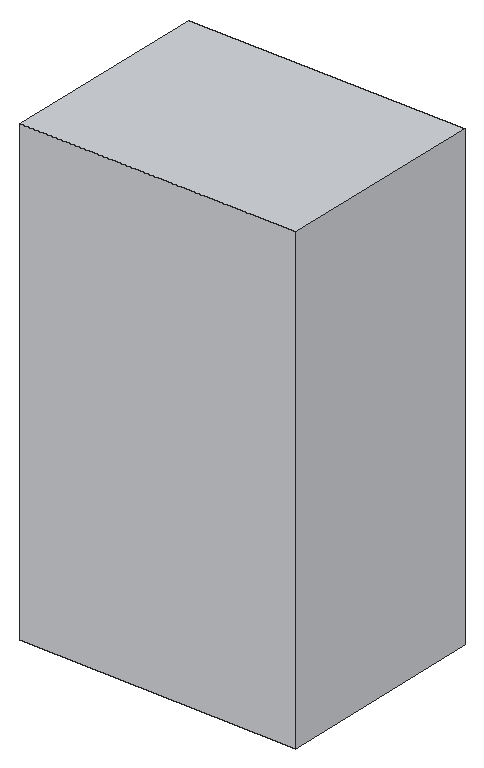
Revit family
Parameters
  Warranty Duration (Years) = 0
  Unit Width [instance] = 1' - 8 177/256"
  Unit Height [instance] = 0' - 9 99/256"
  Unit Depth = 0' - 0"
  URL = "http://www.americanspecialties.com/viewCategories.cfm"
  Trim Material = Plastic 2
  Test Data = ""
  Specification = "http://www.arcat.com/sdspecs/htm/10810asi.htm"
  SpecWizard = ""
  Send Message = "http://www.arcat.com/users.pl?action=UserEmail&company=American%20Specialties,%20Inc.&coid=30448&rep=139&fax=914-476-0688&mf="
  Sales Information = "http://www.americanspecialties.com/contact"
  Revision = "R1_10-2010"
  Product Properties = "http://www.americanspecialties.com/datasheets/0360.pdf"
  Product Data = "http://www.arcat.com/arcatcos/cos30/arc30448.html"
  Model = "As Specified in 10 28 13"
  Manufacturer Website = "http://www.americanspecialties.com/viewCategories.cfm"
  Manufacturer Phone - Toll Free = ""
  Manufacturer Phone = "914-476-9000 "
  Manufacturer Fax = "914-476-0688"
  Manufacturer Address = "441 Saw Mill River Rd., Yonkers, NY 10701"
  Manufacturer = "American Specialties, Inc."
  Maintenance Schedule (Months) = 0
  Keynote = "10 28 13"
  Installation-Fabrication = "http://www.americanspecialties.com/products.cfm"
  Green Building-LEED = ""
  Expected Lifespan (Years) = 0
  Drawn By = "Robert S. Weygant. CSI, CDT, SCIP"  # constant formula
  Description = "Toilet Accessory as Specified in 10 28 13"
  Default Elevation = 4' - 0"
  Copyright = "©Arcat Inc."
  Construction Details = "http://www.arcat.com/green/clients/leed_data_30448.html"
  Building Codes = "http://www.americanspecialties.com/products.cfm"
  Body Material = Metal - Stainless Steel
  Assembly Code = "C1030210"
Reference planes (in)
  plane 1 "Center (Front/Back)": y = -0.29112
  plane 2 "Floor Line": z = 0
  plane 3 "Center (Left/Right)": x = -0.65843
  plane 4: z = 4.82927
Forms (in)
  Extrusion 1, solid
    sketch origin (-3, -9, -6) x (0, 0, -1) y (1, 0, 0)
      loop
        line (-82, 26) -> (-82, -19.34712) -> (-6, -19.34712) -> (-6, 26) -> (-82, 26)
    from 9 to -25.60721
  Extrusion 2, solid, material "Metal - Stainless Steel" <- "Body Material"
    sketch origin (0, 7.08388, 0) x (1, 0, 0) y (0, 0, 1)
      loop
        circle (-0.65843, 2.60938) r 2.26563
    from 3.5 to 11.9
  Extrusion 3, solid, material "Plastic 2" <- "Trim Material"
    sketch origin (0, 7.08388, 0) x (1, 0, 0) y (0, 0, 1)
      loop
        circle (-0.65843, 2.60938) r 2.26563
    from 12 to 11.9
  Revolve 4, solid, material "Plastic 2" <- "Trim Material"
    sketch origin (0, 0, 2.60938) x (1, 0, 0) y (0, 1, 0)
      loop
        arc (1.60719, 4.08388) -> (0.48125, 4.27119) -> (-0.65843, 4.33388) r 10.39111
        line (-0.65843, 4.33388) -> (-0.65843, 3.58388) -> (1.60719, 3.58388) -> (1.60719, 4.08388)
      axis (-0.65843, 3.58388) -> (-0.65843, 4.33388)
    angle from 0 to 360
  Extrusion 5, solid, material "Plastic 2" <- "Trim Material"
    sketch origin (0, -0.29112, 0) x (1, 0, 0) y (0, 0, 1)
      loop
        line (-2.04906, 0) -> (0.73219, 0) -> (0.73219, 0.82074)
        arc (0.73219, 0.82074) -> (-0.65843, 0.34375) -> (-2.04906, 0.82074) r 2.26562
        line (-2.04906, 0.82074) -> (-2.04906, 0)
    from -4.07686 to 4.625
  Revolve 6, solid, material "Metal - Stainless Steel" <- "Body Material"
    sketch origin (-0.65843, 0, 0) x (0, 1, 0) y (0, 0, 1)
      loop
        line (-4.91612, 4.5) -> (-4.91612, 4.70339) -> (-5.16612, 4.57693) -> (-5.16612, 4.5) -> (-4.91612, 4.5)
      axis (-4.91612, 4.5) -> (-5.16612, 4.5)
    angle from 0 to 360
  Extrusion 7, void
    sketch origin (0, 0, 0) x (1, 0, 0) y (0, 1, 0)
      loop
        arc (-0.78343, -1.79112) -> (-0.65843, -1.91612) -> (-0.53343, -1.79112) r 0.125
        line (-0.53343, -1.79112) -> (-0.53343, 2.20888)
        arc (-0.53343, 2.20888) -> (-0.65843, 2.33388) -> (-0.78343, 2.20888) r 0.125
        line (-0.78343, 2.20888) -> (-0.78343, -1.79112)
      loop
        line (-0.75537, 3.08388) -> (-0.5615, 3.08388)
        arc (-0.5615, 3.08388) -> (-0.53343, 3.11195) -> (-0.5615, 3.14002) r 0.02807
        line (-0.5615, 3.14002) -> (-0.75537, 3.14002)
        arc (-0.75537, 3.14002) -> (-0.78343, 3.11195) -> (-0.75537, 3.08388) r 0.02807
    from 4.82927 to 4.9202
  Extrusion 8, solid, material "Plastic 2" <- "Trim Material"
    sketch origin (0, 0, 0) x (1, 0, 0) y (0, 1, 0)
      loop
        line (-0.78343, 2.20888) -> (-0.78343, -1.79112)
        arc (-0.78343, -1.79112) -> (-0.65843, -1.91612) -> (-0.53343, -1.79112) r 0.125
        line (-0.53343, -1.79112) -> (-0.53343, 2.20888)
        arc (-0.53343, 2.20888) -> (-0.65843, 2.33388) -> (-0.78343, 2.20888) r 0.125
      loop
        arc (-0.75537, 3.14002) -> (-0.78343, 3.11195) -> (-0.75537, 3.08388) r 0.02807
        line (-0.75537, 3.08388) -> (-0.5615, 3.08388)
        arc (-0.5615, 3.08388) -> (-0.53343, 3.11195) -> (-0.5615, 3.14002) r 0.02807
        line (-0.5615, 3.14002) -> (-0.75537, 3.14002)
    from 4.82927 to 4.8566
Cuts and joins
  Extrusion 7 cuts Extrusion 2
  Extrusion 7 cuts Extrusion 5
Lines and regions (in)
  model lines
    curve 1: line (-0.65843, -4.81612, 0) -> (-0.65843, 3.58388, 0)
Dimensions and locks (in)
  aligned and locked: Extrusion 1 to level
  aligned and locked: cut or joined group of Extrusion 5, Extrusion 7 to plane 4
  aligned and locked: Extrusion 8 to cut or joined group of Extrusion 2, Extrusion 7
